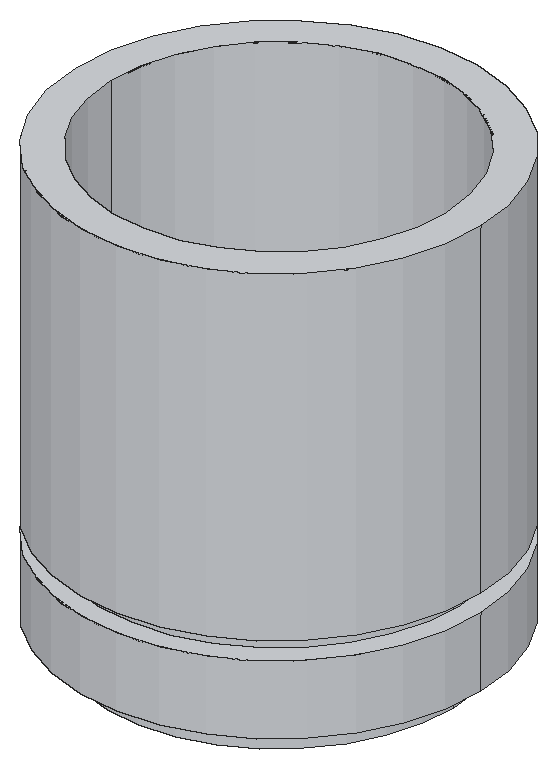
Revit family "PAM25B", category Generic Models, Revit 2017
Family settings
  Can host rebar = No
  Round Connector Dimension = Use Diameter
  Part Type = Normal
  Work Plane-Based = Yes
  Always vertical = No
  Cut with Voids When Loaded = No
  Shared = No
  Room Calculation Point = No
Parameters (values of type "NBS Standard Parameters")
  Weight = "0.008Kg"
  WarrantyStartDate [instance] = "1900-12-31T23:59:59"
  WarrantyGuarantorParts = "n/a"
  WarrantyGuarantorLabor = "n/a"
  WarrantyDurationUnit = "1 year"
  WarrantyDurationParts = "n/a"
  WarrantyDurationLabor = "n/a"
  WarrantyDescription = "n/a"
  Version = "1"
  Uniclass2 = "Pr_65_70_11_20"
  TagNumber [instance] = "n/a"
  SustainabilityPerformance = "n/a"
  Size = "25mm"
  Shape = "Circular"
  SerialNumber [instance] = "n/a"
  Revision = "n/a"
  ReplacementCost = "n/a"
  ProductInformation = "www.metpro.co.uk/pdf/pam25w.pdf"
  NominalWidth = 29 mm
  NominalLength = 29 mm
  NominalHeight = 32 mm
  Name = ""
  NBSTypeID = ""
  NBSReference = "90-55-10/460"
  NBSOfficeMasterTag = ""
  NBSNote = ""
  NBSDescription = "Conduit Fittings"
  NBSCertification = ""
  ModelReference = "PAM25B"
  ModelNumber = "n/a"
  Material = "PVC"
  ManufacturerURL = "www.metpro.co.uk"
  ManufacturerName = "Metpro Ltd"
  Keynote = "Manufactured to BS4607 Part 1"
  InstallationDate [instance] = "1900-12-31T23:59:59"
  IfcExportType = ""
  IfcExportAs = ""
  Grade = "n/a"
  Finish = "Black"
  Features = "n/a"
  ExpectedLife = "n/a"
  DurationUnit = "year"
  Description = "PAM25B - 25mm Male Adaptor"
  Default Elevation = 1219.2 mm
  Constituents = "n/a"
  Color = "n/a"
  CodePerformance = "n/a"
  Category = "n/a"
  BarCode [instance] = "n/a"
  BIMObjectName = "Metpro_Metprolibrary_Conduitfittings_PVCcomponents_accessory"
  Author = "Metpro Ltd"
  AssetType = ""
  AssetIdentifier [instance] = "n/a"
  AccessibilityPerformance = "n/a"
Reference planes
  plane 1 "Center (Front/Back)": y = 0
  plane 2: z = 0
  plane 3 "Center (Left/Right)": x = 0
Forms (mm)
  Extrusion 1, solid
    sketch origin (-75.996, 46.494, 56.74) x (0, -1, 0) y (1, 0, 0)
      loop
        circle (15.717, 18.298) r 14.463
      loop
        circle (15.717, 18.298) r 12
    from 0 to 23.5
  Extrusion 2, solid
    sketch origin (-75.996, 46.494, 56.74) x (0, -1, 0) y (1, 0, 0)
      loop
        circle (15.717, 18.298) r 10
      loop
        circle (15.717, 18.298) r 12.5
    from 0 to -8
  Extrusion 3, solid
    sketch origin (-75.996, 46.494, 56.74) x (0, -1, 0) y (1, 0, 0)
      loop
        circle (15.717, 18.298) r 13.039
      loop
        circle (15.717, 18.298) r 14.463
    from -1.269 to -6.269
Dimensions and locks
  aligned and locked: level to plane 2
